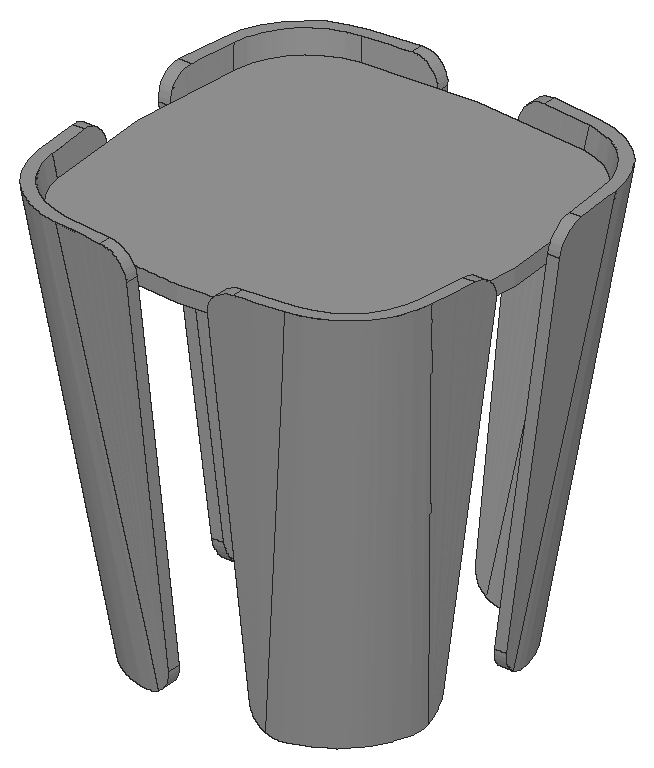
Revit family "Table_Tulipa_Coffee_Gohome_R18", category Furniture, Revit 2018
Family settings
  OmniClass Number = 23.40.20.00
  OmniClass Title = General Furniture and Specialties
  Work Plane-Based = No
  Always vertical = Yes
  Cut with Voids When Loaded = No
  Shared = No
  Room Calculation Point = No
Parameters (values of type "Natural Oak")
  Width = 400 mm  # constant formula
  Website = "www.gohome.com.au"
  Type Image = <None>
  Finish = Gohome_Natural Oak
  Supplier = "Gohome"
  Model By = "Chris:p Soul"
  Design By = "Marcel Sigel"
  Description = "Tulipa Side table"
  Depth = 400 mm  # constant formula
  Contact = "+61 2 9565 5510"
Types (3, lengths in mm): name | Finish
  (no name) | Gohome_Natural Oak
  Black Stained Oak | Gohome_Black Stained Oak
  Natural Oak | Gohome_Natural Oak
Reference planes
  plane 1 "Center (Front/Back)": y = 0
  plane 2: z = 0
  plane 3 "Center (Left/Right)": x = 0
  plane 4: through (0, 133.747, 515.692) normal (0, 0.9563, -0.2924)
  plane 5 "W": x = -200
  plane 6 "E": x = 200
  plane 7: z = 450.304
  plane 8: z = 779
Forms (mm)
  Sweep 1, solid, not visible
    path origin (-820.668, 0, 203.554) x (1, 0, 0) y (0, 0, 1)
      loop
        line (570.733, 528.012) -> (1070.733, 528.012)
    profile origin (0.064, 0, 731.566) x (0, 0, 1) y (0, -1, 0)
      loop
        line (-108.623, -166.536) -> (-260.858, -119.994)
        arc (-260.858, -119.994) -> (-292.764, -96.598) -> (-303.169, -58.426) r 60
        line (-303.169, -58.426) -> (-281.263, 254.522)
        spline (-281.263, 254.522) -> (-281.257, 255.829) -> (-281.423, 257.125) -> (-281.756, 258.388) -> (-282.251, 259.598) -> (-282.9, 260.732) -> (-283.692, 261.772) -> (-284.613, 262.7) -> (-285.647, 263.5) -> (-286.777, 264.159) -> (-287.983, 264.664) -> (-289.245, 265.008) -> (-290.541, 265.184)
        line (-290.541, 265.184) -> (-291.834, 265.274) -> (-734.459, 296.194) -> (-734.459, 273.901) -> (-307.017, 244.042) -> (-328.425, -61.794)
        spline (-328.425, -61.794) -> (-328.303, -70.544) -> (-327.224, -79.228) -> (-325.201, -87.742) -> (-322.259, -95.984) -> (-318.432, -103.855) -> (-313.766, -111.261) -> (-308.318, -118.113) -> (-302.152, -124.329) -> (-295.344, -129.834) -> (-287.973, -134.563) -> (-280.129, -138.458) -> (-271.906, -141.473)
        line (-271.906, -141.473) -> (-110.496, -190.84)
        arc (-110.496, -190.84) -> (-107.722, -190.42) -> (-106.509, -187.89) r 3
        line (-106.509, -187.89) -> (-106.509, -169.182)
        spline (-106.509, -169.182) -> (-106.546, -168.884) -> (-106.613, -168.592) -> (-106.708, -168.308) -> (-106.831, -168.035) -> (-106.981, -167.775) -> (-107.156, -167.532) -> (-107.355, -167.308) -> (-107.575, -167.104) -> (-107.814, -166.924) -> (-108.07, -166.768) -> (-108.341, -166.638) -> (-108.623, -166.536)
  Extrusion 2, void, not visible
    sketch origin (0, 0, 0) x (1, 0, 0) y (0, 0, 1)
      loop
        line (-241.599, -65) -> (-195.458, 594.851)
        arc (-195.458, 594.851) -> (-185.991, 614.699) -> (-165.531, 622.758) r 30
        line (-165.531, 622.758) -> (165.862, 622.758)
        arc (165.862, 622.758) -> (186.322, 614.699) -> (195.789, 594.851) r 30
        line (195.789, 594.851) -> (241.93, -65) -> (367.21, -65) -> (367.21, 835.06) -> (13.239, 835.06) -> (-366.879, 835.06) -> (-366.879, -65) -> (-241.599, -65)
    from -326.217 to 362.964
  Sweep 3, solid, not visible
    path origin (204.953, 265.712, 0) x (0, 1, 0) y (0, 0, 1)
      loop
        line (-34.577, 782.317) -> (-117.45, 511.254)
        arc (-117.45, 511.254) -> (-126.491, 462.205) -> (-124.17, 412.384) r 218.426
        line (-124.17, 412.384) -> (-57.209, 0)
    profile origin (204.953, 175.022, 206.192) x (0, 0.987072, 0.160277) y (1, 0, 0)
      loop
        line (-15.179, -204.922) -> (-15.179, -488.636) -> (8.303, -488.577) -> (8.303, -205.248) -> (8.303, 78.671) -> (-15.179, 78.729) -> (-15.179, -204.922)
  Extrusion 4, void, not visible
    sketch origin (0, 0, 0) x (1, 0, 0) y (0, 0, 1)
      loop
        arc (-274.397, 10.698) -> (-271.735, 3.18) -> (-264.422, 0) r 10
        line (-264.422, 0) -> (-246.379, 0)
        arc (-246.379, 0) -> (-239.565, 2.681) -> (-236.405, 9.288) r 10
        line (-236.405, 9.288) -> (-190.907, 659.94)
        arc (-190.907, 659.94) -> (-181.44, 679.788) -> (-160.98, 687.847) r 30
        line (-160.98, 687.847) -> (161.311, 687.847)
        arc (161.311, 687.847) -> (181.771, 679.788) -> (191.238, 659.94) r 30
        line (191.238, 659.94) -> (236.735, 9.297)
        arc (236.735, 9.297) -> (239.892, 2.685) -> (246.71, 0) r 10
        line (246.71, 0) -> (264.753, 0)
        arc (264.753, 0) -> (272.066, 3.18) -> (274.729, 10.698) r 10
        line (274.729, 10.698) -> (227.031, 692.802)
        arc (227.031, 692.802) -> (198.63, 752.346) -> (137.25, 776.524) r 90
        line (137.25, 776.524) -> (-136.919, 776.524)
        arc (-136.919, 776.524) -> (-198.299, 752.346) -> (-226.7, 692.802) r 90
        line (-226.7, 692.802) -> (-274.397, 10.698)
      loop
        line (13.239, 835.06) -> (-366.879, 835.06) -> (-366.879, -40) -> (-281.505, -40) -> (285.751, -40) -> (367.21, -40) -> (367.21, 835.06) -> (13.239, 835.06)
    from -424.588 to 138.074
  Extrusion 5, void, not visible
    sketch origin (0, -690, 0) x (1, 0, 0) y (0, 0, 1)
      loop
        arc (-198.311, 9.302) -> (-201.468, 2.686) -> (-208.288, 0) r 10
        line (-208.288, 0) -> (-226.33, 0)
        arc (-226.33, 0) -> (-233.644, 3.18) -> (-236.306, 10.698) r 10
        line (-236.306, 10.698) -> (-241.795, -67.79) -> (242.126, -67.79) -> (236.637, 10.698)
        arc (236.637, 10.698) -> (233.975, 3.18) -> (226.662, 0) r 10
        line (226.662, 0) -> (208.619, 0)
        arc (208.619, 0) -> (201.799, 2.686) -> (198.642, 9.302) r 10
        line (198.642, 9.302) -> (170.465, 412.258)
        arc (170.465, 412.258) -> (167.309, 418.874) -> (160.489, 421.561) r 10
        line (160.489, 421.561) -> (-160.158, 421.561)
        arc (-160.158, 421.561) -> (-166.978, 418.874) -> (-170.133, 412.258) r 10
        line (-170.133, 412.258) -> (-198.311, 9.302)
    from -445.955 to -356.965
  Extrusion 6, solid, material "Gohome_Natural Oak" <- "Finish"
    sketch origin (-93.503, 4.782, 0) x (1, 0, 0) y (0, 1, 0)
      loop
        spline (-17.293, 172.18) -> (-25.54, 170.652) -> (-33.574, 168.243) -> (-41.298, 164.975) -> (-48.618, 160.882) -> (-55.445, 156.009) -> (-61.694, 150.415) -> (-67.288, 144.166) -> (-72.16, 137.339) -> (-76.254, 130.019) -> (-79.522, 122.295) -> (-81.933, 114.262) -> (-83.459, 106.015)
        arc (-83.459, 106.015) -> (-93.221, -4.782) -> (-83.459, -115.578) r 633.652
        spline (-83.459, -115.578) -> (-81.931, -123.824) -> (-79.522, -131.858) -> (-76.254, -139.582) -> (-72.16, -146.902) -> (-67.288, -153.729) -> (-61.694, -159.978) -> (-55.445, -165.572) -> (-48.618, -170.444) -> (-41.298, -174.538) -> (-33.574, -177.806) -> (-25.54, -180.217) -> (-17.293, -181.744)
        arc (-17.293, -181.744) -> (93.503, -189.16) -> (204.299, -181.744) r 831.307
        spline (204.299, -181.744) -> (212.545, -180.215) -> (220.579, -177.806) -> (228.303, -174.538) -> (235.623, -170.445) -> (242.45, -165.572) -> (248.699, -159.978) -> (254.293, -153.729) -> (259.166, -146.903) -> (263.259, -139.582) -> (266.528, -131.858) -> (268.939, -123.825) -> (270.465, -115.578)
        arc (270.465, -115.578) -> (280.226, -4.782) -> (270.465, 106.015) r 633.652
        spline (270.465, 106.015) -> (268.936, 114.261) -> (266.527, 122.295) -> (263.259, 130.019) -> (259.166, 137.339) -> (254.293, 144.166) -> (248.699, 150.415) -> (242.45, 156.009) -> (235.624, 160.881) -> (228.303, 164.975) -> (220.579, 168.243) -> (212.546, 170.654) -> (204.299, 172.18)
        arc (204.299, 172.18) -> (93.503, 179.597) -> (-17.293, 172.18) r 831.307
    from 384 to 400
Lines and regions (mm)
  model lines, style "0", not visible
    curve 1: line (-181.921, -48.212, 0) -> (-182.808, -49.933, 0)
    curve 2: line (-42.382, -191.142, 0) -> (-40.211, -190.147, 0)
    curve 3: line (42.503, -190.058, 0) -> (44.225, -190.946, 0)
    curve 4: line (185.434, -50.52, 0) -> (184.439, -48.349, 0)
    curve 5: line (184.35, 34.366, 0) -> (185.238, 36.087, 0)
    curve 6: line (44.812, 177.296, 0) -> (42.64, 176.301, 0)
    curve 7: line (-40.074, 176.212, 0) -> (-41.795, 177.1, 0)
    curve 8: line (-183.004, 36.674, 0) -> (-182.009, 34.502, 0)
    curve 9: line (-182.042, -46.941, 0) -> (-182.228, -46.923, 0)
    curve 10: line (41.233, -190.18, 0) -> (41.215, -190.366, 0)
    curve 11: line (184.472, 33.095, 0) -> (184.658, 33.077, 0)
    curve 12: line (-38.803, 176.334, 0) -> (-38.785, 176.52, 0)
    curve 13: line (-179.072, -121.023, 0) -> (-175.748, -117.7, 0)
    curve 14: line (-109.562, -183.886, 0) -> (-112.885, -187.21, 0)
    curve 15: line (115.315, -187.21, 0) -> (112, -183.896, 0)
    curve 16: line (178.187, -117.709, 0) -> (181.502, -121.023, 0)
    curve 17: line (181.502, 107.177, 0) -> (178.178, 103.853, 0)
    curve 18: line (111.991, 170.04, 0) -> (115.315, 173.364, 0)
    curve 19: line (-112.885, 173.364, 0) -> (-109.571, 170.049, 0)
    curve 20: line (-175.758, 103.863, 0) -> (-179.072, 107.177, 0)
    curve 21: line (-192.387, -46.925, 0) -> (-195.25, -50.739, 0)
    curve 22: line (-41.669, -203.102, 0) -> (-38.787, -200.525, 0)
    curve 23: line (-191.088, -122.842, 0) -> (-114.722, -199.207, 0)
    curve 24: line (112, -183.896, 0) -> (178.187, -117.709, 0)
    curve 25: line (-175.765, -117.702, 0) -> (-109.564, -183.903, 0)
    curve 26: line (178.194, 103.855, 0) -> (111.993, 170.056, 0)
    curve 27: line (-109.571, 170.049, 0) -> (-175.758, 103.863, 0)
    curve 28: line (41.217, -200.525, 0) -> (45.031, -203.388, 0)
    curve 29: line (197.394, -49.807, 0) -> (194.817, -46.925, 0)
    curve 30: line (117.134, -199.226, 0) -> (193.517, -122.842, 0)
    curve 31: line (194.817, 33.079, 0) -> (197.672, 36.859, 0)
    curve 32: line (44.099, 189.256, 0) -> (41.217, 186.679, 0)
    curve 33: line (193.517, 108.996, 0) -> (117.152, 185.361, 0)
    curve 34: line (-38.787, 186.679, 0) -> (-42.601, 189.542, 0)
    curve 35: line (-194.964, 35.961, 0) -> (-192.387, 33.079, 0)
    curve 36: line (-114.704, 185.379, 0) -> (-191.088, 108.996, 0)
    curve 37: line (-182.808, -49.933, 0) -> (-184.007, -72.849, 0)
    curve 38: line (-184.989, -72.923, 0) -> (-182.228, -46.923, 0)
    curve 39: line (-184.007, -72.849, 0) -> (-179.072, -121.023, 0)
    curve 40: line (-38.785, -190.366, 0) -> (-64.785, -193.127, 0)
    curve 41: line (-64.711, -192.145, 0) -> (-42.382, -191.142, 0)
    curve 42: line (-112.885, -187.21, 0) -> (-64.711, -192.145, 0)
    curve 43: line (-192.387, -46.923, 0) -> (-195.169, -72.923, 0)
    curve 44: line (-196.151, -72.996, 0) -> (-195.276, -51.078, 0)
    curve 45: line (-41.918, -203.117, 0) -> (-64.858, -204.289, 0)
    curve 46: line (-64.785, -203.307, 0) -> (-38.785, -200.525, 0)
    curve 47: line (-195.169, -72.923, 0) -> (-190.096, -122.713, 0)
    curve 48: line (-191.071, -122.84, 0) -> (-196.151, -72.996, 0)
    curve 49: line (-64.785, -193.127, 0) -> (-113.012, -188.186, 0)
    curve 50: line (-180.048, -121.15, 0) -> (-184.989, -72.923, 0)
    curve 51: line (-114.575, -198.234, 0) -> (-64.785, -203.307, 0)
    curve 52: line (-64.858, -204.289, 0) -> (-114.722, -199.207, 0)
    curve 53: line (-175.748, -117.7, 0) -> (-183.164, -6.923, 0)
    curve 54: line (-183.164, -6.923, 0) -> (-182.177, -6.923, 0)
    curve 55: line (-182.177, -6.923, 0) -> (-174.773, -117.573, 0)
    curve 56: line (1.215, -191.302, 0) -> (1.215, -190.315, 0)
    curve 57: line (1.215, -190.315, 0) -> (111.864, -182.911, 0)
    curve 58: line (111.991, -183.886, 0) -> (1.215, -191.302, 0)
    curve 59: line (1.215, 176.469, 0) -> (-109.435, 169.065, 0)
    curve 60: line (-109.562, 170.04, 0) -> (1.215, 177.455, 0)
    curve 61: line (1.215, 177.455, 0) -> (1.215, 176.469, 0)
    curve 62: line (184.607, -6.923, 0) -> (177.203, 103.726, 0)
    curve 63: line (178.178, 103.853, 0) -> (185.593, -6.923, 0)
    curve 64: line (185.593, -6.923, 0) -> (184.607, -6.923, 0)
    curve 65: line (185.593, -6.923, 0) -> (178.178, -117.7, 0)
    curve 66: line (177.203, -117.573, 0) -> (184.607, -6.923, 0)
    curve 67: line (111.864, 169.065, 0) -> (1.215, 176.469, 0)
    curve 68: line (1.215, 177.455, 0) -> (111.991, 170.04, 0)
    curve 69: line (-183.164, -6.923, 0) -> (-175.748, 103.853, 0)
    curve 70: line (-174.773, 103.726, 0) -> (-182.177, -6.923, 0)
    curve 71: line (-109.435, -182.911, 0) -> (1.215, -190.315, 0)
    curve 72: line (1.215, -191.302, 0) -> (-109.562, -183.886, 0)
    curve 73: line (44.225, -190.946, 0) -> (67.141, -192.145, 0)
    curve 74: line (67.215, -193.127, 0) -> (41.215, -190.366, 0)
    curve 75: line (67.141, -192.145, 0) -> (115.315, -187.21, 0)
    curve 76: line (184.658, -46.923, 0) -> (187.419, -72.923, 0)
    curve 77: line (186.436, -72.849, 0) -> (185.434, -50.52, 0)
    curve 78: line (181.502, -121.023, 0) -> (186.436, -72.849, 0)
    curve 79: line (41.215, -200.525, 0) -> (67.215, -203.307, 0)
    curve 80: line (67.287, -204.289, 0) -> (45.37, -203.414, 0)
    curve 81: line (197.598, -72.923, 0) -> (194.817, -46.923, 0)
    curve 82: line (197.409, -50.056, 0) -> (198.581, -72.996, 0)
    curve 83: line (67.215, -203.307, 0) -> (117.005, -198.234, 0)
    curve 84: line (117.132, -199.209, 0) -> (67.287, -204.289, 0)
    curve 85: line (115.442, -188.186, 0) -> (67.215, -193.127, 0)
    curve 86: line (187.419, -72.923, 0) -> (182.477, -121.15, 0)
    curve 87: line (192.526, -122.713, 0) -> (197.598, -72.923, 0)
    curve 88: line (198.581, -72.996, 0) -> (193.501, -122.84, 0)
    curve 89: line (185.238, 36.087, 0) -> (186.436, 59.003, 0)
    curve 90: line (187.419, 59.077, 0) -> (184.658, 33.077, 0)
    curve 91: line (186.436, 59.003, 0) -> (181.502, 107.177, 0)
    curve 92: line (41.215, 176.52, 0) -> (67.215, 179.281, 0)
    curve 93: line (67.141, 178.298, 0) -> (44.812, 177.296, 0)
    curve 94: line (115.315, 173.364, 0) -> (67.141, 178.298, 0)
    curve 95: line (194.817, 33.077, 0) -> (197.598, 59.077, 0)
    curve 96: line (198.581, 59.149, 0) -> (197.703, 37.222, 0)
    curve 97: line (67.215, 189.46, 0) -> (41.215, 186.679, 0)
    curve 98: line (44.348, 189.271, 0) -> (67.287, 190.443, 0)
    curve 99: line (197.598, 59.077, 0) -> (192.526, 108.867, 0)
    curve 100: line (193.501, 108.994, 0) -> (198.581, 59.149, 0)
    curve 101: line (67.215, 179.281, 0) -> (115.442, 174.339, 0)
    curve 102: line (182.477, 107.304, 0) -> (187.419, 59.077, 0)
    curve 103: line (117.005, 184.388, 0) -> (67.215, 189.46, 0)
    curve 104: line (67.287, 190.443, 0) -> (117.152, 185.361, 0)
    curve 105: line (-41.795, 177.1, 0) -> (-64.711, 178.298, 0)
    curve 106: line (-64.785, 179.281, 0) -> (-38.785, 176.52, 0)
    curve 107: line (-64.711, 178.298, 0) -> (-112.885, 173.364, 0)
    curve 108: line (-182.228, 33.077, 0) -> (-184.989, 59.077, 0)
    curve 109: line (-184.007, 59.003, 0) -> (-183.004, 36.674, 0)
    curve 110: line (-179.072, 107.177, 0) -> (-184.007, 59.003, 0)
    curve 111: line (-38.785, 186.679, 0) -> (-64.785, 189.46, 0)
    curve 112: line (-64.858, 190.443, 0) -> (-42.94, 189.567, 0)
    curve 113: line (-195.169, 59.077, 0) -> (-192.387, 33.077, 0)
    curve 114: line (-194.979, 36.21, 0) -> (-196.151, 59.149, 0)
    curve 115: line (-64.785, 189.46, 0) -> (-114.575, 184.388, 0)
    curve 116: line (-114.702, 185.363, 0) -> (-64.858, 190.443, 0)
    curve 117: line (-184.989, 59.077, 0) -> (-180.048, 107.304, 0)
    curve 118: line (-113.012, 174.339, 0) -> (-64.785, 179.281, 0)
    curve 119: line (-190.096, 108.867, 0) -> (-195.169, 59.077, 0)
    curve 120: line (-196.151, 59.149, 0) -> (-191.071, 108.994, 0)
    curve 121: line (-184.007, -72.849, 0) -> (-184.989, -72.923, 0)
    curve 122: line (-184.989, -72.923, 0) -> (-195.169, -72.923, 0)
    curve 123: line (-195.169, -72.923, 0) -> (-196.151, -72.996, 0)
    curve 124: line (-64.711, -192.145, 0) -> (-64.785, -193.127, 0)
    curve 125: line (-64.785, -193.127, 0) -> (-64.785, -203.307, 0)
    curve 126: line (-64.785, -203.307, 0) -> (-64.858, -204.289, 0)
    curve 127: line (-190.096, -122.713, 0) -> (-191.071, -122.84, 0)
    curve 128: line (-180.048, -121.15, 0) -> (-179.072, -121.023, 0)
    curve 129: line (-113.012, -188.186, 0) -> (-112.885, -187.21, 0)
    curve 130: line (-192.387, -46.923, 0) -> (-182.228, -46.923, 0)
    curve 131: line (-114.575, -198.234, 0) -> (-114.702, -199.209, 0)
    curve 132: line (-38.785, -190.366, 0) -> (-38.785, -200.525, 0)
    curve 133: line (-174.773, -117.573, 0) -> (-175.748, -117.7, 0)
    curve 134: line (111.864, -182.911, 0) -> (111.991, -183.886, 0)
    curve 135: line (-109.435, 169.065, 0) -> (-109.562, 170.04, 0)
    curve 136: line (177.203, 103.726, 0) -> (178.178, 103.853, 0)
    curve 137: line (177.203, -117.573, 0) -> (178.178, -117.7, 0)
    curve 138: line (111.864, 169.065, 0) -> (111.991, 170.04, 0)
    curve 139: line (-174.773, 103.726, 0) -> (-175.748, 103.853, 0)
    curve 140: line (-109.435, -182.911, 0) -> (-109.562, -183.886, 0)
    curve 141: line (67.141, -192.145, 0) -> (67.215, -193.127, 0)
    curve 142: line (67.215, -193.127, 0) -> (67.215, -203.307, 0)
    curve 143: line (67.215, -203.307, 0) -> (67.287, -204.289, 0)
    curve 144: line (186.436, -72.849, 0) -> (187.419, -72.923, 0)
    curve 145: line (187.419, -72.923, 0) -> (197.598, -72.923, 0)
    curve 146: line (197.598, -72.923, 0) -> (198.581, -72.996, 0)
    curve 147: line (117.005, -198.234, 0) -> (117.132, -199.209, 0)
    curve 148: line (115.442, -188.186, 0) -> (115.315, -187.21, 0)
    curve 149: line (182.477, -121.15, 0) -> (181.502, -121.023, 0)
    curve 150: line (192.526, -122.713, 0) -> (193.517, -122.842, 0)
    curve 151: line (41.215, -200.525, 0) -> (41.215, -190.366, 0)
    curve 152: line (184.658, -46.923, 0) -> (194.817, -46.923, 0)
    curve 153: line (186.436, 59.003, 0) -> (187.419, 59.077, 0)
    curve 154: line (187.419, 59.077, 0) -> (197.598, 59.077, 0)
    curve 155: line (197.598, 59.077, 0) -> (198.581, 59.149, 0)
    curve 156: line (67.141, 178.298, 0) -> (67.215, 179.281, 0)
    curve 157: line (67.215, 179.281, 0) -> (67.215, 189.46, 0)
    curve 158: line (67.215, 189.46, 0) -> (67.287, 190.443, 0)
    curve 159: line (192.526, 108.867, 0) -> (193.501, 108.994, 0)
    curve 160: line (115.442, 174.339, 0) -> (115.315, 173.364, 0)
    curve 161: line (182.477, 107.304, 0) -> (181.502, 107.177, 0)
    curve 162: line (117.005, 184.388, 0) -> (117.132, 185.363, 0)
    curve 163: line (41.215, 176.52, 0) -> (41.215, 186.679, 0)
    curve 164: line (194.817, 33.077, 0) -> (184.658, 33.077, 0)
    curve 165: line (-64.711, 178.298, 0) -> (-64.785, 179.281, 0)
    curve 166: line (-64.785, 179.281, 0) -> (-64.785, 189.46, 0)
    curve 167: line (-64.785, 189.46, 0) -> (-64.858, 190.443, 0)
    curve 168: line (-184.007, 59.003, 0) -> (-184.989, 59.077, 0)
    curve 169: line (-184.989, 59.077, 0) -> (-195.169, 59.077, 0)
    curve 170: line (-195.169, 59.077, 0) -> (-196.151, 59.149, 0)
    curve 171: line (-114.575, 184.388, 0) -> (-114.702, 185.363, 0)
    curve 172: line (-180.048, 107.304, 0) -> (-179.072, 107.177, 0)
    curve 173: line (-190.096, 108.867, 0) -> (-191.088, 108.996, 0)
    curve 174: line (-182.228, 33.077, 0) -> (-192.387, 33.077, 0)
    curve 175: line (-113.012, 174.339, 0) -> (-112.885, 173.364, 0)
    curve 176: line (-38.785, 186.679, 0) -> (-38.785, 176.52, 0)
    curve 177: arc (-180.048, -121.15, 0) -> (-157.985, -166.123, 0) -> (-113.012, -188.186, 0) r 77.448
    curve 178: arc (-179.072, -121.023, 0) -> (-157.296, -165.434, 0) -> (-112.885, -187.21, 0) r 76.43
    curve 179: arc (-190.096, -122.713, 0) -> (-165.242, -173.38, 0) -> (-114.575, -198.234, 0) r 87.244
    curve 180: arc (111.864, -182.911, 0) -> (155.699, -161.407, 0) -> (177.203, -117.573, 0) r 75.487
    curve 181: arc (-174.773, -117.573, 0) -> (-153.269, -161.407, 0) -> (-109.435, -182.911, 0) r 75.487
    curve 182: arc (177.203, 103.726, 0) -> (155.699, 147.561, 0) -> (111.864, 169.065, 0) r 75.487
    curve 183: arc (-109.435, 169.065, 0) -> (-153.269, 147.561, 0) -> (-174.773, 103.726, 0) r 75.487
    curve 184: arc (117.005, -198.234, 0) -> (167.672, -173.38, 0) -> (192.526, -122.713, 0) r 87.244
    curve 185: arc (115.442, -188.186, 0) -> (160.415, -166.123, 0) -> (182.477, -121.15, 0) r 77.448
    curve 186: arc (115.315, -187.21, 0) -> (159.726, -165.434, 0) -> (181.502, -121.023, 0) r 76.43
    curve 187: arc (182.477, 107.304, 0) -> (160.415, 152.277, 0) -> (115.442, 174.339, 0) r 77.448
    curve 188: arc (181.502, 107.177, 0) -> (159.726, 151.588, 0) -> (115.315, 173.364, 0) r 76.43
    curve 189: arc (192.526, 108.867, 0) -> (167.672, 159.534, 0) -> (117.005, 184.388, 0) r 87.244
    curve 190: arc (-114.575, 184.388, 0) -> (-165.242, 159.534, 0) -> (-190.096, 108.867, 0) r 87.244
    curve 191: arc (-113.012, 174.339, 0) -> (-157.985, 152.277, 0) -> (-180.048, 107.304, 0) r 77.448
    curve 192: arc (-112.885, 173.364, 0) -> (-157.296, 151.588, 0) -> (-179.072, 107.177, 0) r 76.43
Dimensions and locks
  Sweep 3 sketch curve to Sweep 3 sketch curve = 23.178 mm
  "Width": plane 5 "W" to plane 6 "E"
  plane 8 to level = 779 mm
  plane 7 to level = 450.304 mm
  equal spacing: plane 5 "W", plane 3 "Center (Left/Right)", plane 6 "E"
  aligned and locked: level to plane 2
Automatic sketch dimensions
  Extrusion 6 sketch curve to plane 1 "Center (Front/Back)" = 0 mm
  Extrusion 6 sketch curve to plane 3 "Center (Left/Right)" = 0 mm  (x2)
  plane 1 "Center (Front/Back)" to Extrusion 6 sketch curve = 0 mm
  Extrusion 6 sketch curve to plane 3 "Center (Left/Right)" = 110.796 mm  (x2)
  Extrusion 6 sketch curve to Extrusion 6 sketch curve = 66.166 mm  (x6)
  plane 1 "Center (Front/Back)" to Extrusion 6 sketch curve = 110.796 mm
  Extrusion 6 sketch curve to plane 5 "W" = 246.928 mm
  plane 3 "Center (Left/Right)" to Extrusion 6 sketch curve = 110.796 mm  (x2)
  Extrusion 6 sketch curve to plane 1 "Center (Front/Back)" = 110.796 mm
  Extrusion 6 sketch curve to plane 6 "E" = 246.928 mm
  Extrusion 6 sketch curve to Extrusion 6 sketch curve = 469.966 mm  (x2)
Nested families
  nested 1: "Table_Tulipa_Coffee_Leg" at (39.795, 39.795, 0), type "Natural Oak"
  nested 2: "Table_Tulipa_Coffee_Leg" at (241.518, -241.518, 0), type "Natural Oak", not visible
  nested 3: "Table_Tulipa_Coffee_Leg" at (-39.795, 39.795, 0) x (-1, 0, 0) z (0, 0, 1), type "Natural Oak"
  nested 4: "Table_Tulipa_Coffee_Leg" at (39.795, -39.795, 0), type "Natural Oak"
  nested 5: "Table_Tulipa_Coffee_Leg" at (-39.795, -39.795, 0) x (-1, 0, 0) z (0, 0, 1), type "Natural Oak"
Definition of nested family "Table_Tulipa_Coffee_Leg"
  Parameters (values of type "Natural Oak")
    Website = "www.gohome.com.au"
    Type Image = (empty or 0)
    Finish [instance] = none
    Supplier = "Gohome"
    Model By = "Chris:p Soul"
    Design By = "Marcel Sigel"
    Description = "Plateau"
    Contact = "+61 2 9565 5510"
  Reference planes
    plane 1 "Center (Front/Back)": y = 0
    plane 2: z = 0
    plane 3 "Center (Left/Right)": x = 0
    plane 4: through (0, 133.747, 515.692) normal (0, 0.9563, -0.2924)
  Forms (mm)
    Sweep 1, solid, not visible
      path origin (-820.668, 0, 203.554) x (1, 0, 0) y (0, 0, 1)
        loop
          line (570.733, 528.012) -> (1070.733, 528.012)
      profile origin (0.064, 0, 731.566) x (0, 0, 1) y (0, -1, 0)
        loop
          line (-108.623, -166.536) -> (-260.858, -119.994)
          arc (-260.858, -119.994) -> (-292.764, -96.598) -> (-303.169, -58.426) r 60
          line (-303.169, -58.426) -> (-281.263, 254.522)
          spline (-281.263, 254.522) -> (-281.257, 255.829) -> (-281.423, 257.125) -> (-281.756, 258.388) -> (-282.251, 259.598) -> (-282.9, 260.732) -> (-283.692, 261.772) -> (-284.613, 262.7) -> (-285.647, 263.5) -> (-286.777, 264.159) -> (-287.983, 264.664) -> (-289.245, 265.008) -> (-290.541, 265.184)
          line (-290.541, 265.184) -> (-291.834, 265.274) -> (-734.459, 296.194) -> (-734.459, 273.901) -> (-307.017, 244.042) -> (-328.425, -61.794)
          spline (-328.425, -61.794) -> (-328.303, -70.544) -> (-327.224, -79.228) -> (-325.201, -87.742) -> (-322.259, -95.984) -> (-318.432, -103.855) -> (-313.766, -111.261) -> (-308.318, -118.113) -> (-302.152, -124.329) -> (-295.344, -129.834) -> (-287.973, -134.563) -> (-280.129, -138.458) -> (-271.906, -141.473)
          line (-271.906, -141.473) -> (-110.496, -190.84)
          arc (-110.496, -190.84) -> (-107.722, -190.42) -> (-106.509, -187.89) r 3
          line (-106.509, -187.89) -> (-106.509, -169.182)
          spline (-106.509, -169.182) -> (-106.546, -168.884) -> (-106.613, -168.592) -> (-106.708, -168.308) -> (-106.831, -168.035) -> (-106.981, -167.775) -> (-107.156, -167.532) -> (-107.355, -167.308) -> (-107.575, -167.104) -> (-107.814, -166.924) -> (-108.07, -166.768) -> (-108.341, -166.638) -> (-108.623, -166.536)
    Extrusion 2, void, not visible
      sketch origin (0, 0, 0) x (1, 0, 0) y (0, 0, 1)
        loop
          line (-241.599, -65) -> (-195.458, 594.851)
          arc (-195.458, 594.851) -> (-185.991, 614.699) -> (-165.531, 622.758) r 30
          line (-165.531, 622.758) -> (165.862, 622.758)
          arc (165.862, 622.758) -> (186.322, 614.699) -> (195.789, 594.851) r 30
          line (195.789, 594.851) -> (241.93, -65) -> (367.21, -65) -> (367.21, 835.06) -> (13.239, 835.06) -> (-366.879, 835.06) -> (-366.879, -65) -> (-241.599, -65)
      from -326.217 to 362.964
    Sweep 3, solid, not visible
      path origin (204.953, 265.712, 0) x (0, 1, 0) y (0, 0, 1)
        loop
          line (-34.577, 782.317) -> (-117.45, 511.254)
          arc (-117.45, 511.254) -> (-126.491, 462.205) -> (-124.17, 412.384) r 218.426
          line (-124.17, 412.384) -> (-57.209, 0)
      profile origin (204.953, 175.022, 206.192) x (0, 0.987072, 0.160277) y (1, 0, 0)
        loop
          line (-15.179, -204.922) -> (-15.179, -488.636) -> (8.611, -488.577) -> (8.611, -205.248) -> (8.611, 78.671) -> (-15.179, 78.729) -> (-15.179, -204.922)
    Extrusion 4, void, not visible
      sketch origin (0, 0, 0) x (1, 0, 0) y (0, 0, 1)
        loop
          arc (-274.397, 10.698) -> (-271.735, 3.18) -> (-264.422, 0) r 10
          line (-264.422, 0) -> (-246.379, 0)
          arc (-246.379, 0) -> (-239.565, 2.681) -> (-236.405, 9.288) r 10
          line (-236.405, 9.288) -> (-190.907, 659.94)
          arc (-190.907, 659.94) -> (-181.44, 679.788) -> (-160.98, 687.847) r 30
          line (-160.98, 687.847) -> (161.311, 687.847)
          arc (161.311, 687.847) -> (181.771, 679.788) -> (191.238, 659.94) r 30
          line (191.238, 659.94) -> (236.735, 9.297)
          arc (236.735, 9.297) -> (239.892, 2.685) -> (246.71, 0) r 10
          line (246.71, 0) -> (264.753, 0)
          arc (264.753, 0) -> (272.066, 3.18) -> (274.729, 10.698) r 10
          line (274.729, 10.698) -> (227.031, 692.802)
          arc (227.031, 692.802) -> (198.63, 752.346) -> (137.25, 776.524) r 90
          line (137.25, 776.524) -> (-136.919, 776.524)
          arc (-136.919, 776.524) -> (-198.299, 752.346) -> (-226.7, 692.802) r 90
          line (-226.7, 692.802) -> (-274.397, 10.698)
        loop
          line (13.239, 835.06) -> (-366.879, 835.06) -> (-366.879, -40) -> (-281.505, -40) -> (285.751, -40) -> (367.21, -40) -> (367.21, 835.06) -> (13.239, 835.06)
      from -424.588 to 138.074
    Extrusion 5, void, not visible
      sketch origin (0, -690, 0) x (1, 0, 0) y (0, 0, 1)
        loop
          arc (-198.311, 9.302) -> (-201.468, 2.686) -> (-208.288, 0) r 10
          line (-208.288, 0) -> (-226.33, 0)
          arc (-226.33, 0) -> (-233.644, 3.18) -> (-236.306, 10.698) r 10
          line (-236.306, 10.698) -> (-241.795, -67.79) -> (242.126, -67.79) -> (236.637, 10.698)
          arc (236.637, 10.698) -> (233.975, 3.18) -> (226.662, 0) r 10
          line (226.662, 0) -> (208.619, 0)
          arc (208.619, 0) -> (201.799, 2.686) -> (198.642, 9.302) r 10
          line (198.642, 9.302) -> (170.465, 412.258)
          arc (170.465, 412.258) -> (167.309, 418.874) -> (160.489, 421.561) r 10
          line (160.489, 421.561) -> (-160.158, 421.561)
          arc (-160.158, 421.561) -> (-166.978, 418.874) -> (-170.133, 412.258) r 10
          line (-170.133, 412.258) -> (-198.311, 9.302)
      from -445.955 to -356.965
    Blend 6, solid, material <- "Finish"
      base sketch origin (13.962, 13.962, 0) x (0.707107, 0.707107, 0) y (-0.707107, 0.707107, 0)
        loop
          line (52.69, 72.435) -> (44.204, 63.95) -> (53, 55.154)
          arc (53, 55.154) -> (75.845, 0) -> (53, -55.154) r 78
          line (53, -55.154) -> (44.204, -63.95) -> (52.69, -72.435) -> (61.485, -63.64)
          arc (61.485, -63.64) -> (87.845, 0) -> (61.485, 63.64) r 90
          line (61.485, 63.64) -> (52.69, 72.435)
      top sketch origin (13.962, 13.962, 0) x (0.707107, 0.707107, 0) y (-0.707107, 0.707107, 0)
        loop
          line (94.81, 114.555) -> (86.281, 106.026) -> (132.531, 49.277)
          arc (132.531, 49.277) -> (150.068, 0) -> (132.531, -49.277) r 78
          line (132.531, -49.277) -> (86.281, -106.026) -> (94.81, -114.555) -> (141.833, -56.858)
          arc (141.833, -56.858) -> (162.068, 0) -> (141.833, 56.858) r 90
          line (141.833, 56.858) -> (94.81, 114.555)
      from 0 to 420
    Extrusion 7, void
      sketch origin (0, 0, 0) x (1, 0, 0) y (0, 0, 1)
        loop
          line (0, 26) -> (0, 0) -> (26, 0)
          arc (26, 0) -> (7.615, 7.615) -> (0, 26) r 26
        loop
          arc (0, 394) -> (7.615, 412.385) -> (26, 420) r 26
          line (26, 420) -> (0, 420) -> (0, 394)
      from -213.027 to -38.733
    Extrusion 8, void
      sketch origin (0, 0, 0) x (0, 1, 0) y (0, 0, -1)
        loop
          arc (0, -26) -> (7.615, -7.615) -> (26, 0) r 26
          line (26, 0) -> (0, 0) -> (0, -26)
        loop
          line (0, -394) -> (0, -420) -> (26, -420)
          arc (26, -420) -> (7.615, -412.385) -> (0, -394) r 26
      from -213.027 to -38.733
    Extrusion 9, solid, material <- "Finish"
      sketch origin (0, 0, 0) x (1, 0, 0) y (0, 1, 0)
        loop
          line (45.544, 30.031) -> (140.946, 30.031) -> (137.133, 67.444)
          arc (137.133, 67.444) -> (114.689, 114.689) -> (67.444, 137.133) r 78
          line (67.444, 137.133) -> (30.544, 140.894) -> (30.544, 45.031)
          arc (30.544, 45.031) -> (34.937, 34.425) -> (45.544, 30.031) r 15
      from 370 to 384
    Extrusion 10, solid, material <- "Finish"
      sketch origin (15.237, 15.237, 100) x (0.707107, 0.707107, 0) y (0, 0, 1)
        loop
          line (122.976, 209.708) -> (136.896, 270) -> (96.896, 270) -> (115.707, 218.317)
          arc (115.707, 218.317) -> (118.576, 213.366) -> (122.976, 209.708) r 16.335
      from -8 to 8
  Cuts and joins
    Extrusion 7, Extrusion 8 cuts Blend 6
  Dimensions and locks
    Sweep 3 sketch curve to Sweep 3 sketch curve = 23.482 mm
    aligned and locked: level to plane 2
